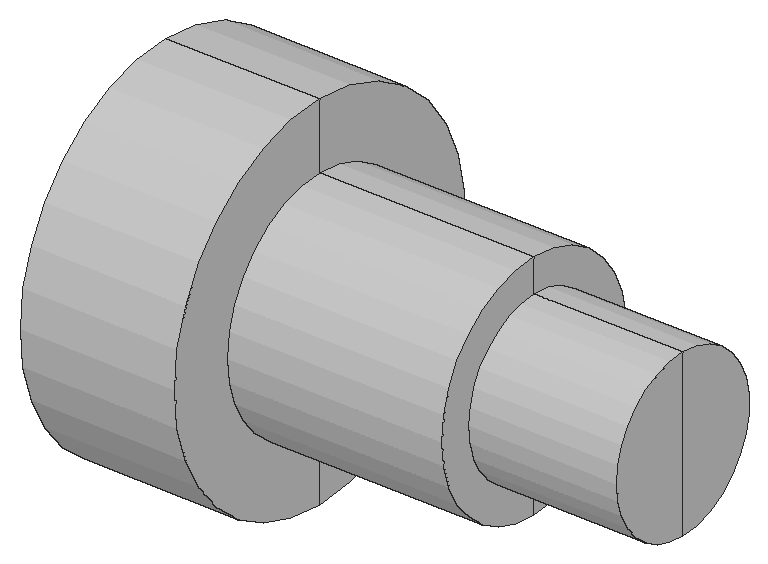
Revit family "6220_Eisenrohranschluß flachdichtend (4004,4315,4325,4415,...)", category Rohrformteile, Revit 2021
Family settings
  Bemaßung runder Anschluss = Durchmesser verwenden
  Teiletyp = Verbindung
  OmniClass-Nummer = 23.65.55.14
  OmniClass-Titel = Valves for Liquid Services
  Arbeitsebenenbasiert = Nein
  Immer vertikal = Ja
  Beim Laden mit Abzugskörper schneiden = Nein
  Gemeinsam genutzt = Nein
Parameters (values of type "G3/4 x R1/2")
  Vorgabe-Ansicht = 0 mm
  Verschraubung = "Messing CW614N, vernickelt"  # constant formula
  URL = "www.herz-armaturen.at"
  SCRNSEQ = "AWI;AWI_TYP=\"1001\";2"
  SCRNCODE = "07;01;02"  # constant formula
  S02 = 8 mm  # constant formula
  S01 [instance] = L03  # 10 mm
  Nennweite_AG [instance] = D03 * 2  # 15 mm
  Nennweite_IG [instance] = D01 * 2  # 20 mm
  Mutter = "Messing CW614N, vernickelt"  # constant formula
  Medium = "Heizungswasser nach ÖNORM H5195 oder VDI- Richtlinie 2035.\r\nDie Verwendung von Ethylen- oder Propyleneglykol in einem Mischungsverhältnis 25- 50% ist zulässig."
  Max. Betriebstemperatur = 110 °C  # constant formula
  Max. Betriebsdruck = 1000000.0 Pa  # constant formula
  L03 [instance] = if([3_4x1_2], 10 mm, if([1x3_4], 11 mm, if([5_4x1], 11 mm, if([7_4x3_2], 14 mm, if([19_8x2], 13 mm, 0 mm)))))  # 10 mm
  L02 [instance] = if([3_4x1_2], 13.5 mm, if([1x3_4], 36.5 mm, if([5_4x1], 16.8 mm, if([7_4x3_2], 22 mm, if([19_8x2], 24 mm, 0 mm)))))  # 13.5 mm
  L01 [instance] = if([3_4x1_2], 14 mm, if([1x3_4], 16.5 mm, if([5_4x1], 17.5 mm, if([7_4x3_2], 23 mm, if([19_8x2], 22.5 mm, 0 mm)))))  # 14 mm
  L00 [instance] = if([3_4x1_2], 47 mm, if([1x3_4], 55.5 mm, if([5_4x1], 46 mm, if([7_4x3_2], 63 mm, if([19_8x2], 69 mm, 0 mm)))))  # 47 mm
  Hersteller = "HERZ Armaturen Ges.m.b.H."  # constant formula
  Flachdichtung = "Klinger SIL- C4400"  # constant formula
  Bestellnummer = if([3_4x1_2], 1622011, if([1x3_4], 1622022, if([5_4x1], 1622063, if([7_4x3_2], 1622065, if([19_8x2], 1622066, 0)))))  # 1622011
  Ausführung = "Eisenrohranschluss flachdichtend, Mutter und Anschlussstück."
  7_4x3_2 = no
  5_4x1 = no
  3_4x1_2 = yes
  D03 [instance] = if([3_4x1_2], 7.5 mm, if([1x3_4], 10 mm, if([5_4x1], 12.5 mm, if([7_4x3_2], 20 mm, if([19_8x2], 25 mm, 0 mm)))))  # 7.5 mm
  D02 [instance] = if([3_4x1_2], 10.5 mm, if([1x3_4], 13.2 mm, if([5_4x1], 16.5 mm, if([7_4x3_2], 23.8 mm, if([19_8x2], 30 mm, 0 mm)))))  # 10.5 mm
  D01 [instance] = if([3_4x1_2], 10 mm, if([1x3_4], 12.5 mm, if([5_4x1], 16 mm, if([7_4x3_2], 20 mm, if([19_8x2], 25 mm, 0 mm)))))  # 10 mm
  D00 [instance] = if([3_4x1_2], 16.5 mm, if([1x3_4], 19.5 mm, if([5_4x1], 25.5 mm, if([7_4x3_2], 32 mm, if([19_8x2], 40 mm, 0 mm)))))  # 16.5 mm
  1x3_4 = no
  19_8x2 = no
Types (6, lengths in mm): name | S01 | Nennweite_AG | Nennweite_IG | L03 | L02 | L01 | L00 | Bestellnummer | 7_4x3_2 | 5_4x1 | 3_4x1_2 | D03 | D02 | D01 | D00 | 1x3_4 | 19_8x2
  (no name) | 10 | 15 | 20 | 10 | 13.5 | 14 | 47 | 1622011 | no | no | yes | 7.5 | 10.5 | 10 | 16.5 | no | no
  G3/4 x R1/2 | 10 | 15 | 20 | 10 | 13.5 | 14 | 47 | 1622011 | no | no | yes | 7.5 | 10.5 | 10 | 16.5 | no | no
  G1 x R3/4 | 11 | 20 | 25 | 11 | 36.5 | 16.5 | 55.5 | 1622022 | no | no | no | 10 | 13.2 | 12.5 | 19.5 | yes | no
  G1 1/4 x R1 | 11 | 25 | 32 | 11 | 16.8 | 17.5 | 46 | 1622063 | no | yes | no | 12.5 | 16.5 | 16 | 25.5 | no | no
  G1 3/4 x R1 1/2 | 14 | 40 | 40 | 14 | 22 | 23 | 63 | 1622065 | yes | no | no | 20 | 23.8 | 20 | 32 | no | no
  G2 3/8 x R2 | 13 | 50 | 50 | 13 | 24 | 22.5 | 69 | 1622066 | no | no | no | 25 | 30 | 25 | 40 | no | yes
Reference planes
  plane 1 "Mitte (Vorne/hinten)": y = 0
  plane 2: z = 0
  plane 3 "Mitte (Links/rechts)": x = 0
Forms (mm)
  Revolve 1, solid, material "Messing, vernickelt", detail levels fine
    sketch origin (0, 0, 0) x (1, 0, 0) y (0, 0, 1)
      loop
        line (0, 10) -> (10, 10) -> (10, 0) -> (47, 0) -> (47, 7.5) -> (33.5, 7.5) -> (33.5, 10.5) -> (14, 10.5) -> (14, 16.5) -> (0, 16.5) -> (0, 10)
      axis (0, 0) -> (47, 0)
    angle from 0 to 360
Lines and regions (mm)
  model lines, detail levels coarse+medium
    curve 1: line (0, 0, 0) -> (47, 0, 0)
    curve 2: line (10, 0, 16.5) -> (10, 0, -16.5)
    curve 3: line (10, 0, -16.5) -> (18, 0, -16.5)
    curve 4: line (18, 0, -16.5) -> (10, 0, 0)
    curve 5: line (10, 0, 16.5) -> (18, 0, 16.5)
    curve 6: line (18, 0, 16.5) -> (10, 0, 0)
    curve 7: line (10, 16.5, 0) -> (10, -16.5, 0)
    curve 8: line (10, -16.5, 0) -> (18, -16.5, 0)
    curve 9: line (18, -16.5, 0) -> (10, 0, 0)
    curve 10: line (10, 16.5, 0) -> (18, 16.5, 0)
    curve 11: line (18, 16.5, 0) -> (10, 0, 0)
Dimensions and locks
  "L01": Revolve 1 sketch curve to plane 3 "Mitte (Links/rechts)"
  "L00": Revolve 1 sketch curve to plane 3 "Mitte (Links/rechts)"
  "D00": Revolve 1 sketch curve to plane 2
  "L02": Revolve 1 sketch curve to Revolve 1 sketch curve
  "D01": Revolve 1 sketch curve to plane 2
  "D02": Revolve 1 sketch curve to plane 2
  "D03": Revolve 1 sketch curve to plane 2
  "L03": Revolve 1 sketch curve to plane 3 "Mitte (Links/rechts)"
  "L00": curve 1 to curve 1
  "S01": curve 2 to plane 3 "Mitte (Links/rechts)"
  "S02": curve 2 to curve 6
  "S02": curve 2 to curve 4
  "S01": curve 1 to curve 7
  "S02": curve 7 to curve 11
  "S02": curve 7 to curve 9
  "D00": curve 8 to plane 1 "Mitte (Vorne/hinten)" to curve 10
  "D00": curve 5 to plane 2 to curve 3
  aligned and locked: level to plane 2
Automatic sketch dimensions
  curve 1 to level = 0 mm
  curve 1 to plane 3 "Mitte (Links/rechts)" = 0 mm
  curve 4 to level = 0 mm
  curve 6 to curve 4 = 0 mm
  plane 1 "Mitte (Vorne/hinten)" to curve 9 = 0 mm
  plane 1 "Mitte (Vorne/hinten)" to curve 11 = 0 mm
  Revolve 1 sketch curve to level = 0 mm  (x2)
  Revolve 1 sketch curve to plane 3 "Mitte (Links/rechts)" = 0 mm
  Revolve 1 sketch curve to plane 3 "Mitte (Links/rechts)" = 1506.53 mm
  Revolve 1 sketch curve to Revolve 1 sketch curve = 1792.148 mm
Connectors
  piping at (10, 0, 0), diameter 20, driven by "Nennweite_IG"
    settings: on Revolve 1, index 1, connector inside diameter 609.6 mm, connector length 0 mm, flow factor 0, pipe flow 0.0 L/s, pressure drop 0.0 Pa, fitting loss kfactor 0, connector angle 0.00°, fixture units 0, engagement length 0 mm, angle of deflection 0.00°, flow configuration 0, flow direction 0, fitting loss method 0, system type 29, joint type 0, gender type 0, connector reference index -1, connector utility 0, adjustable connector no, is connector primary yes, connector description ""
  piping at (47, 0, 0), diameter 15, driven by "Nennweite_AG"
    settings: on Revolve 1, index 2, connector inside diameter 609.6 mm, connector length 0 mm, flow factor 0, pipe flow 0.0 L/s, pressure drop 0.0 Pa, fitting loss kfactor 0, connector angle 0.00°, fixture units 0, engagement length 0 mm, angle of deflection 0.00°, flow configuration 0, flow direction 0, fitting loss method 0, system type 29, joint type 0, gender type 0, connector reference index -1, connector utility 0, adjustable connector no, is connector primary no, connector description ""
